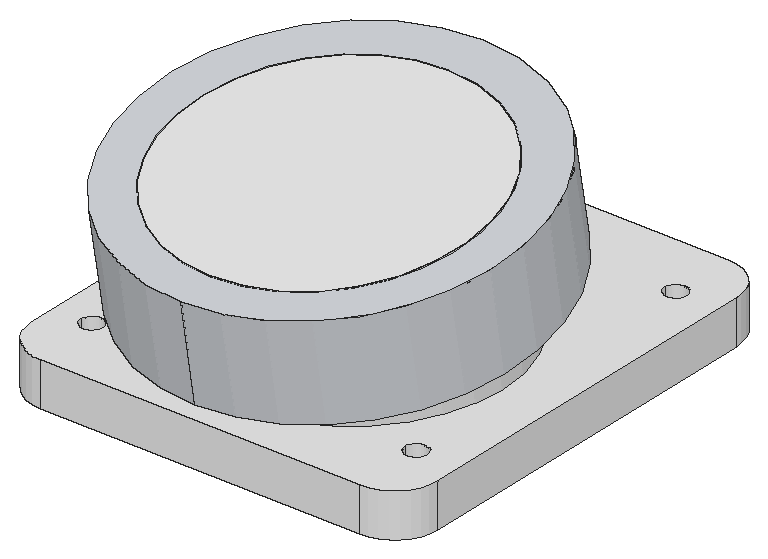
Revit family "Building-ConnessioniIEC309-GEWISS-IEC309HP-PRESE_FISSE_INC_10°_CABL_RAPIDO_16A_IP66-67", category Apparecchi elettrici, host Superficie, Revit 2019
Family settings
  Host = Superficie
  Mantenere orientamento annotazione = Sì
  Quota connettore circolare = Usa diametro
  Tipo di parte = Normale
  Taglio con vuoti quando caricato = No
  Condiviso = Sì
  Punto di calcolo locali = Sì
Parameters (values of type "GW62232FH - PR.INC.10°HP IP67 3P+N+T 16A 400V 6H  CR")
  simbolo acceso [instance] = yes
  distanza_simbolo [instance] = 1 mm
  distanza dal piano [instance] = 0 mm
  W = 115 mm  # constant formula
  Versione file RFA = "21.11"
  URL = "https://www.gewiss.com/it/it"
  Tipologia = "Presa fissa da incasso 10°"
  Tipo Materiale = "Halogen free secondo norma EN 60754-2"
  Tipo Cablaggio = "Rapido a molla"
  Termopressione con biglia = "125 °C (Parti attive) - 80 °C (Parti passive)"
  Tensione nominale = "380-415V"
  Temperatura di utilizzo = "-25 +55 °C"
  Spostamento_effettivo_S [instance] = 4000 mm - Spostamento_S  # 3037.5 mm
  Spostamento_S = 962.5 mm
  Sportello_visibile = yes
  Sovraccarico ammissibile = "22A"
  Scheda Tecnica = "https://www.gewiss.com/it/it/search?q=GW62232FH"
  SPinotto = Default(2)
  SEO = "Presa"
  Riferimento h = "6"
  Resistenza di isolamento = "- 10 M?"
  Resistenza agli urti = "IK09"
  Default Elevation = 1219.2 mm
  Produttore = "GEWISS S.p.A."
  Potere d'interruzione a 1,1 Un = "20A"
  Piastra = Default(2)
  N. poli = "3P+N+T"
  N. Manovre complessive = "-5000"
  Modello = "GW62232FH"
  L = 155 mm  # constant formula
  Immagine tipo = (empty or 0)
  IDT = "9b8ae15b49374dbd8d3f1d850d5329b8"
  IDF = "90f18cba-2c63-4f7c-90af-c8b17dce7e2d"
  Grado di protezione = "IP66/IP67"
  Glow wire test: = "850 °C (Parti attive) - 650 °C (Parti passive)"
  Frequenza = "50/60 Hz"
  FORMULA = 1000 mm * 1  # 1000 mm
  Dimensioni flangia (mm) = "85x75"
  Descrizione = "PR.INC.10°HP IP67 3P+N+T 16A 400V 6H  CR"
  Creato da GEWISS S.p.A. = ""
  Corrente nominale (A) = "16"
  Corpo centrale = Default(2)
  Colore: = "Rosso"
  Codice Electrocod = "2210"
  Catalogo = "BUILDING"
  CapacitÃ  serraggio morsetti = "1-2,5 mm² cavi flessibili - 1,5-4 mm² cavi rigidi"
  COBie.Tagnumber = ""
  COBie.CreatedOn = ""
  COBie.CreatebBy = ""
  COBie.ComponentRegisterItemID = ""
  COBie.Component.TagNumber = ""
  COBie.Component.Space = ""
  COBie.Component.SerialNumber = ""
  COBie.Component.InstallationDate = ""
  COBie.Component.Description = ""
  COBie.Component.BarCode = ""
  BLOCCO = "B=C"
Types (9, lengths in mm): name | Tensione nominale | Scheda Tecnica | Riferimento h | N. poli | Modello | IDT | Descrizione | Colore:
  GW62224FH - PR.INC.10°HP IP67 2P+T 16A 110V 4H CR | "100-130V" | "https://www.gewiss.com/it/it/search?q=GW62224FH" | "4" | "2P+T" | "GW62224FH" | "698259aaa91d4536b74e5ba9ed7e1cc3" | "PR.INC.10°HP IP67 2P+T 16A 110V 4H CR" | "Giallo"
  GW62225FH - PR.INC.10°HP IP67 3P+T 16A 110V 4H CR | "100-130V" | "https://www.gewiss.com/it/it/search?q=GW62225FH" | "4" | "3P+T" | "GW62225FH" | "5400cf34d5af462d992f40189b08bdd3" | "PR.INC.10°HP IP67 3P+T 16A 110V 4H CR" | "Giallo"
  GW62226FH - PR.INC.10°HP IP67 3P+N+T 16A 110V 4H  CR | "100-130V" | "https://www.gewiss.com/it/it/search?q=GW62226FH" | "4" | "3P+N+T" | "GW62226FH" | "452948458adf45088ffba887440ed8d2" | "PR.INC.10°HP IP67 3P+N+T 16A 110V 4H  CR" | "Giallo"
  GW62227FH - PR.INC.10°HP IP67 2P+T 16A 230V 6H  CR | "200-250V" | "https://www.gewiss.com/it/it/search?q=GW62227FH" | "6" | "2P+T" | "GW62227FH" | "8cc06214a61c4c3d926ac3452f3ae0f1" | "PR.INC.10°HP IP67 2P+T 16A 230V 6H  CR" | "Blu"
  GW62228FH - PR.INC.10°HP IP67 3P+T 16A 230V 9H  CR | "200-250V" | "https://www.gewiss.com/it/it/search?q=GW62228FH" | "9" | "3P+T" | "GW62228FH" | "80e1ab80c43242e1a13a7cea3c8d646b" | "PR.INC.10°HP IP67 3P+T 16A 230V 9H  CR" | "Blu"
  GW62229FH - PR.INC.10°HP IP67 3P+N+T 16A 230V 9H  CR | "200-250V" | "https://www.gewiss.com/it/it/search?q=GW62229FH" | "9" | "3P+N+T" | "GW62229FH" | "cf181914e70c4afd8d16e04d537d9761" | "PR.INC.10°HP IP67 3P+N+T 16A 230V 9H  CR" | "Blu"
  GW62230FH - PR.INC.10°HP IP67 2P+T 16A 400V 9H  CR | "380-415V" | "https://www.gewiss.com/it/it/search?q=GW62230FH" | "9" | "2P+T" | "GW62230FH" | "1e49d20166e8425f8465a9ade29f97c9" | "PR.INC.10°HP IP67 2P+T 16A 400V 9H  CR" | "Rosso"
  GW62231FH - PR.INC.10°HP IP67 3P+T 16A 400V 6H  CR | "380-415V" | "https://www.gewiss.com/it/it/search?q=GW62231FH" | "6" | "3P+T" | "GW62231FH" | "d65be4468da44ff8a8c79049c0850c57" | "PR.INC.10°HP IP67 3P+T 16A 400V 6H  CR" | "Rosso"
  GW62232FH - PR.INC.10°HP IP67 3P+N+T 16A 400V 6H  CR | "380-415V" | "https://www.gewiss.com/it/it/search?q=GW62232FH" | "6" | "3P+N+T" | "GW62232FH" | "9b8ae15b49374dbd8d3f1d850d5329b8" | "PR.INC.10°HP IP67 3P+N+T 16A 400V 6H  CR" | "Rosso"
Reference planes
  plane 1 "Centro (Fronte/Retro)": y = 0
  plane 2: z = 0
  plane 3 "Centro (Sinistra/Destra)": x = 0
  plane 4: x = -3000
  plane 5: x = 37.5
  plane 6: z = 0
Dimensions and locks
  plane 4 to plane 3 "Centro (Sinistra/Destra)" = 3000 mm
  "Spostamento_effettivo_S": plane 4 to plane 5
  "distanza dal piano": plane 6 to plane 2
  aligned and locked: plane 2 to host face
  aligned and locked: level to host face
  aligned and locked: plane 3 "Centro (Sinistra/Destra)" to nested 1
  aligned and locked: plane 1 "Centro (Fronte/Retro)" to nested 1
  aligned and locked: nested 2 to plane 5
Automatic sketch dimensions
  host sketch curve to host sketch curve = 2438.4 mm  (x2)
Nested families
  nested 1: "IEC309 PRESE FISSE INCASSO 10' CABLAGGIO RAPIDO 16A IP66-67_base" at (0, 0, 0), type "IEC309 PRESE FISSE INCASSO 10' CABLAGGIO RAPIDO 16A IP66-67_base"
  nested 2: "GWGW62201FH - SIMBOLO_PRESA" at (37.5, 171.559, 0), visible <- "simbolo acceso", Distanza dal muro <- "distanza_simbolo", type "3P"
    with SIMBOLO ACCESO yes, Distanza dal muro 1 mm
Connectors
  electrical at (37.5, 30, 0)
    settings: on nested 1, index 1, voltage 0 V, apparent load 0 VA, apparent load phase1 0 VA, apparent load phase2 0 VA, apparent load phase3 0 VA, power factor 1, load classification "Altro", number of poles 1, system type 31, power factor state 1, is connector primary yes, connector utility no, sub classification motor no, connector description ""
Definition of nested family "IEC309 PRESE FISSE INCASSO 10' CABLAGGIO RAPIDO 16A IP66-67_base"
  Parameters (values of type "IEC309 PRESE FISSE INCASSO 10' CABLAGGIO RAPIDO 16A IP66-67_base")
    sp_ghiera = 16 mm
    h = 85 mm  # constant formula
    dis_base = 71 mm
    Sportello = yes
    Spinotto = none
    R1 = 28 mm
    PIASTRA = none
    Lunghezza totale = 140 mm
    CENTRALE = none
    Bsae = 75 mm  # constant formula
  Reference planes
    plane 1 "Centro (Fronte/Retro)": y = 0
    plane 2: z = 0
    plane 3 "Centro (Sinistra/Destra)": x = 0
    plane 4: x = 75
    plane 5: x = 7
    plane 6: y = 13
    plane 7: x = 67
    plane 8: y = 73
    plane 9: y = 85
    plane 10: y = 36.5
    plane 11: x = 37.5
    plane 12: z = 8.057
    plane 13: y = 29
    plane 14: z = 23.239
    plane 15: through (37.5, 29, 1200) normal (-0.766, -0.6428, 0)
    plane 16: through (37.5, 29, 1200) normal (-0.766, 0.6428, 0)
  Forms (mm)
    Extrusion 1, solid, material <- "PIASTRA"
      sketch origin (0, 0, 0) x (1, 0, 0) y (0, 1, 0)
        loop
          arc (8, 85) -> (2.343, 82.657) -> (0, 77) r 8
          line (0, 77) -> (0, 8)
          arc (0, 8) -> (2.343, 2.343) -> (8, 0) r 8
          line (8, 0) -> (67, 0)
          arc (67, 0) -> (72.657, 2.343) -> (75, 8) r 8
          line (75, 8) -> (75, 77)
          arc (75, 77) -> (72.657, 82.657) -> (67, 85) r 8
          line (67, 85) -> (8, 85)
      from 0 to 8.057
    Sweep 2, solid, material <- "PIASTRA"
      path origin (0, 0, 0) x (0, 1, 0) y (0, 0, 1)
        loop
          line (30.307, 36.491) -> (36.11, 4.578)
      profile origin (0, 33.208, 20.535) x (0, 0.983865, 0.17891) y (1, 0, 0)
        loop
          circle (-0.621, 37.5) r 28
    Sweep 3, solid, visible <- "Sportello"
      path origin (0, 4.078, -0.205) x (0, 0.999986, 0.005351) y (0, -0.005351, 0.999986)
        loop
          line (29.007, 37.011) -> (32.297, 18.354)
      profile origin (0, 34.581, 27.641) x (0, 0.983865, 0.17891) y (1, 0, 0)
        loop
          circle (-2.622, 37.5) r 35.5
    Extrusion 4, void
      sketch origin (0, 0, 0) x (1, 0, 0) y (0, 1, 0)
        loop
          circle (7, 73) r 2.072
        loop
          circle (67, 73) r 2.072
        loop
          circle (7, 13) r 2.072
        loop
          circle (67, 13) r 2.072
      from 0 to 8.057
    Sweep 5, void
      path origin (0, -0.625, 0) x (0, 1, 0) y (0, 0, 1)
        loop
          line (30.307, 36.491) -> (35.674, 6.975)
      profile origin (0, 32.365, 21.733) x (0, 0.983865, 0.17891) y (1, 0, 0)
        loop
          circle (0, 37.5) r 28
  Cuts and joins
    Extrusion 4 cuts Extrusion 1
    Extrusion 4 cuts Sweep 2
    joined: Extrusion 1, Sweep 2
    Sweep 5 cuts Sweep 3
  Dimensions and locks
    "Bsae": plane 3 "Centro (Sinistra/Destra)" to plane 4
    locked: plane 7 to plane 4 at 8
    "h": plane 1 "Centro (Fronte/Retro)" to plane 9
    equal spacing: plane 1 "Centro (Fronte/Retro)", plane 10, plane 8
    equal spacing: plane 3 "Centro (Sinistra/Destra)", plane 11, plane 4
    locked: plane 5 to plane 7 at 60
    locked: plane 8 to plane 6 at 60
    locked: plane 12 to level at 8.057
    plane 1 "Centro (Fronte/Retro)" to plane 13 = 29 mm
    plane 14 to plane 12 = 15.181 mm
    radius of Extrusion 1 sketch curve = 8 mm  (x4)
    "R1": radius of Sweep 2 sketch curve
    "R1": radius of Sweep 5 sketch curve
    aligned and locked: level to plane 2
    aligned and locked: plane 9 to Extrusion 1
    aligned and locked: Extrusion 1 to plane 3 "Centro (Sinistra/Destra)"
    aligned and locked: plane 1 "Centro (Fronte/Retro)" to Extrusion 1
    aligned and locked: Extrusion 1 to plane 4
    aligned and locked: plane 12 to Extrusion 1
    aligned and locked: plane 5 to Extrusion 4 sketch curve  (x2)
    aligned and locked: plane 8 to Extrusion 4 sketch curve  (x2)
    aligned and locked: plane 7 to Extrusion 4 sketch curve  (x2)
    aligned and locked: plane 6 to Extrusion 4 sketch curve  (x2)
    aligned and locked: Extrusion 1 to Extrusion 4
  Automatic sketch dimensions
    Extrusion 1 sketch curve to plane 3 "Centro (Sinistra/Destra)" = 0 mm
    Extrusion 1 sketch curve to plane 7 = 0 mm
    plane 1 "Centro (Fronte/Retro)" to Extrusion 1 sketch curve = 0 mm
    Extrusion 1 sketch curve to plane 9 = 0 mm
    plane 13 to Sweep 3 sketch curve = 3.887 mm
    plane 14 to Sweep 3 sketch curve = 13.722 mm
    Sweep 3 sketch curve to Sweep 3 sketch curve = 3.29 mm
    Sweep 3 sketch curve to Sweep 3 sketch curve = 18.656 mm
    profile plane to Sweep 3 sketch curve = 2.622 mm
    plane 3 "Centro (Sinistra/Destra)" to Sweep 3 sketch curve = 37.5 mm
    plane 13 to Sweep 2 sketch curve = 1.307 mm
    Sweep 2 sketch curve to plane 10 = 0.39 mm
    Sweep 2 sketch curve to plane 12 = 3.48 mm
    plane 14 to Sweep 2 sketch curve = 13.253 mm
    plane 13 to Sweep 5 sketch curve = 0.682 mm
    Sweep 5 sketch curve to plane 12 = 1.082 mm
    Sweep 5 sketch curve to plane 10 = 1.451 mm
    plane 14 to Sweep 5 sketch curve = 13.253 mm
    profile plane to Sweep 2 sketch curve = 0.621 mm
    plane 3 "Centro (Sinistra/Destra)" to Sweep 2 sketch curve = 37.5 mm
    Sweep 5 sketch curve to profile plane = 0 mm
    plane 3 "Centro (Sinistra/Destra)" to Sweep 5 sketch curve = 37.5 mm
    radius of Extrusion 4 sketch curve = 2.072 mm  (x4)
    radius of Sweep 3 sketch curve = 35.5 mm
Definition of nested family "GWGW62201FH - SIMBOLO_PRESA"
  Parameters (values of type "3P")
    SIMBOLO ACCESO [instance] = yes
    Distanza dal muro [instance] = 0 mm
  Reference planes
    plane 1: y = 0
    plane 2: x = 0
  Dimensions and locks
    "Distanza dal muro": plane 1 to nested 1
    aligned and locked: plane 2 to nested 1
  Nested families
    nested 1: "GWGW62201FH - SIMBOLO" at (0, 0, 0), visible <- "SIMBOLO ACCESO", type "3P"
  Definition of nested family "GWGW62201FH - SIMBOLO"
    Parameters (values of type "3P")
      CORNICE SIMBOLO [instance] = yes
      3P = yes
    Reference planes
      plane 1: y = 0
      plane 2: x = 0
    Lines and regions (mm)
      detail lines
        curve 1: circle (-0.314, 0.674, 0) r 0.057 normal (0, 0, 1)
        curve 2: arc (0.346, -0.009, 0) -> (0, 0.337, 0) -> (-0.346, -0.009, 0) r 0.346
        curve 3: line (0, 0.337, 0) -> (0.346, 0.337, 0)
        curve 4: line (0, 3.386, 0) -> (0, 0.337, 0)
        curve 5: line (0, 0.337, 0) -> (-0.314, 0.674, 0)
